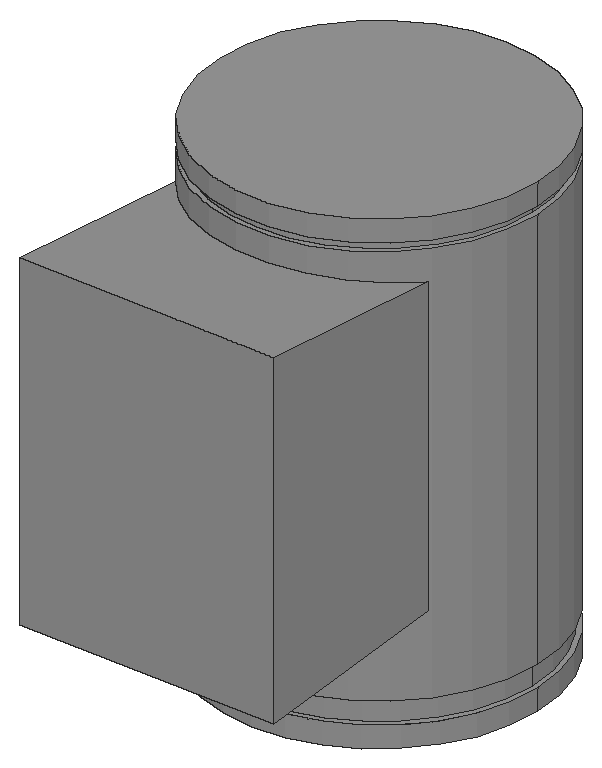
Revit family "OSWALD_50W_E27", category Lighting Fixtures, host Wall, Revit 2021
Family settings
  Host = Wall
  Round Connector Dimension = Use Diameter
  Part Type = Normal
  OmniClass Number = 23.80.70.00
  OmniClass Title = Lighting
  Always vertical = Yes
  Cut with Voids When Loaded = No
  Light Source = Yes
  Shared = No
  Room Calculation Point = No
Parameters
  Wattage = 16.1571 W
  built-in parameter 1150110 = 1 (stored number, unit not read)
  Type de lampe = "LED"
  Type de douille = "E27"
  Type = "Applique murale"
  built-in parameter 1114217 = 1 (stored number, unit not read)
  Tilt Angle = 90.00°
  built-in parameter 1150109 = 1 (stored number, unit not read)
  built-in parameter 1150134 = (empty or 0)
  built-in parameter 1150113 = 1 (stored number, unit not read)
  built-in parameter 1010507 = 1.5708 (stored number, unit not read)
  built-in parameter 1010506 = 0.5236 (stored number, unit not read)
  Puissance nominale = "Max 50W"
  Matériau = "Corps en aluminium moulé sous pression"
  Lumens = 2400 lm
  built-in parameter 1150115 = 1 (stored number, unit not read)
  built-in parameter 1150105 = 8024.6 (stored number, unit not read)
  built-in parameter 1150131 = 3048 mm
  built-in parameter 1150137 = (empty or 0)
  built-in parameter 1150139 = (empty or 0)
  built-in parameter 1150112 = 1 (stored number, unit not read)
  built-in parameter 1150114 = 1 (stored number, unit not read)
  built-in parameter 1150132 = 2
  built-in parameter 1150102 = (empty or 0)
  built-in parameter 1150138 = (empty or 0)
  built-in parameter 1150107 = 3000 (stored number, unit not read)
  built-in parameter 1150106 = 80.246 (stored number, unit not read)
  Fintion = "Gris anthracite"
  Emit from Circle Diameter = 609.6 mm
  Emit Shape Visible in Rendering = no
  built-in parameter 1150104 = 13.8 (stored number, unit not read)
  Dimming Lamp Color Temperature Shift = <None>
  Dimensions = "212 x 224 mm"
  Diffuseur = "Verre trempé"
  Default Elevation = 0 mm
  Color Filter = 16777215
  built-in parameter 1114218 = 1 (stored number, unit not read)
  Light Source Symbol Length = 3048 mm
  Angle du faisceau = "15°/30°/45°"
  Alimentation Driver = "AC 220-240V / 50Hz"
Reference planes
  plane 1: y = 0
  plane 2 "Light Source Axis (F/B)": y = 203.2
  plane 3 "Light Source Axis (L/R)": x = -36.356
  plane 4 "Light Source Elevation": z = 2000
Forms (mm)
  Extrusion 1, solid, material "Aluminum, Gris anthracite"
    sketch origin (-34.674, 212.029, 2199.605) x (0, 1, 0) y (-1, 0, 0)
      loop
        circle (0, 0) r 75
    from 124.395 to -99.605
  Extrusion 2, solid, material "Aluminum, Black"
    sketch origin (-34.674, 212.029, 2199.605) x (0, 1, 0) y (-1, 0, 0)
      loop
        circle (0, 0) r 60
      loop
        circle (0, 0) r 55
    from -99.605 to -89.605
  Extrusion 3, void
    sketch origin (-34.674, 212.029, 2199.605) x (0, 1, 0) y (-1, 0, 0)
      loop
        circle (0, 0) r 72.347
      loop
        circle (0, 0) r 80
    from -89.605 to -79.605
  Extrusion 4, void
    sketch origin (-34.674, 212.029, 2354.605) x (0, 1, 0) y (-1, 0, 0)
      loop
        circle (0, 0) r 72.347
      loop
        circle (0, 0) r 80
    from -44.381 to -40.605
  Extrusion 5, solid, material "Aluminum, Gris anthracite"
    sketch origin (-36.356, 0, 65) x (0, -1, 0) y (0, 0, 1)
      loop
        line (-75, 2239.5) -> (-170, 2231.189) -> (-170, 2092.811) -> (-75, 2084.5) -> (-75, 2239.5)
    from -61.424 to 58.262
  Extrusion 6, void
    sketch origin (0, 0, 2000) x (0, 1, 0) y (-1, 0, 0)
      loop
        circle (211.321, 34.636) r 75
    from 146.866 to 301.625
  Extrusion 7, solid, material "Glass, White, High Luminance"
    sketch origin (0, 0, 2000) x (0, 1, 0) y (-1, 0, 0)
      loop
        circle (212.089, 34.464) r 55.096
    from 100 to 110
  Extrusion 8, void
    sketch origin (0, -2.5, 2000) x (0, 1, 0) y (-1, 0, 0)
      loop
        circle (214.304, 34.637) r 61.229
    from 61.287 to 291.359
Cuts and joins
  Extrusion 3, Extrusion 4, Extrusion 8 cuts Extrusion 1
  Extrusion 6 cuts Extrusion 5
Lines and regions (mm)
  reference lines
    curve 1: line (-36.356, 75, 2000) -> (-36.356, 287, 2000)
    curve 2: line (-36.356, 287, 2000) -> (-36.356, 287, 2050)
    curve 3: line (-36.356, 137.029, 2324) -> (-36.356, 137.029, 2162)
    curve 4: line (-36.356, 137.029, 2162) -> (-36.356, 75, 2162)
    curve 5: line (-36.356, 75, 2162) -> (-36.356, 75, 2084.5)
    curve 6: line (-36.356, 75, 2084.5) -> (-36.356, 149.715, 2091.037)
    curve 7: line (-36.356, 75, 2162) -> (-36.356, 75, 2239.5)
    curve 8: line (-36.356, 75, 2239.5) -> (-36.356, 154.696, 2232.528)
    curve 9: line (-36.356, 75, 2239.5) -> (-36.356, 75, 2084.5)
    curve 10: line (-36.356, 203.2, 2324) -> (-36.356, 203.2, 2100)
    curve 11: line (-36.356, 203.2, 2100) -> (-36.356, 228.2, 2100)
Text (mm)
  text "Placement Side" at (0, 1019.848, 2973.606), in view "Right"
  text "Placement Side" at (-1787.662, 723.012, 0), in view "Ref. Level"
  text "Placement Side" at (0, 1206.291, 3020.473), in view "Left"
Dimensions and locks
  aligned and locked: plane 3 "Light Source Axis (L/R)" to imposter light
  aligned and locked: plane 2 "Light Source Axis (F/B)" to imposter light
  aligned and locked: plane 4 "Light Source Elevation" to imposter light
